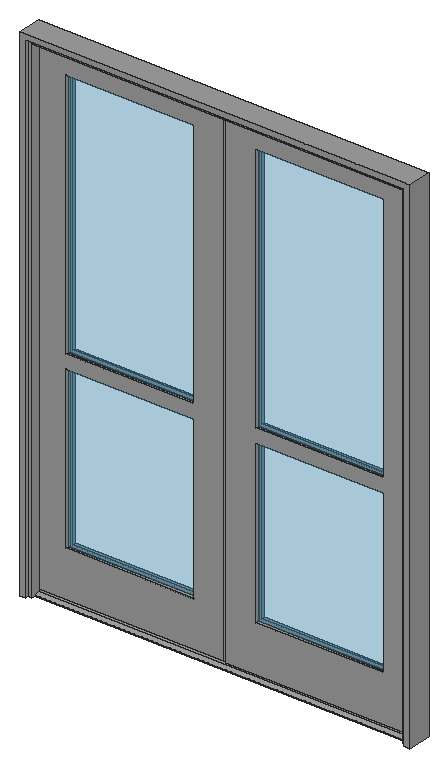
Revit family "RD-WS-DOOR-Double-PD-1-CW_v05", category Curtain Panels, Revit 2015
Parameters
  Width [instance] = 6' - 2"
  URL = "obe.com"
  Rough Width [instance] = 6' - 0"
  Panel Width [instance] = Min Panel Width  # 6' - 0"
  Panel Offset [instance] = 0' - 0"
  Offset [instance] = 0' - 1"
  Model = "RD-WS 1\" Infill"
  Min Rough Width [instance] = if(Rough Width > 6' 1 255/256", Rough Width, 6' 2")  # 6' - 2"
  Min Panel Width [instance] = if(Rough Width > 6' 1 255/256", Rough Width - 0' 2", 6' 0")  # 6' - 0"
  Manufacturer = "Oldcastle BuildingEnvelope®"
  Keynote = "08 11 00"
  Height [instance] = 8' - 0"
  Pushbar Height [instance] = 3' - 5 1/4"  # constant formula
  Glass Material = Glass
  Frame Material = Aluminum
  Door Panel Height [instance] = Height - 0' 0 1/2"  # 7' - 11 1/2"
  Description = "Rugged Door-Wide Stile 1\" Infill"
  Assembly Code = "B2030"
  Analytic Construction = "<None>"
  8 Muntin [instance] = no
  Mid-Panel [instance] = no
  10 Bottom Rail [instance] = not([8 Bottom Rail])  # no
  4 Muntin [instance] = no
  8 Bottom Rail [instance] = yes
  1 Muntin [instance] = if(or([4 Muntin], [8 Muntin], [Mid-Panel]), 1 = 2, 1 = 1)  # yes
Reference planes (in)
  plane 1 "Front": y = 0
  plane 2: z = 0
  plane 3 "Center (Left/Right)": x = 0
  plane 4 "Left": x = -37
  plane 5 "Right": x = 37
  plane 6 "Top": z = 96
  plane 7 "Offset": y = -1
  plane 8: y = -2.133
  plane 9: y = -2.133
  plane 10: y = -2.133
  plane 11: x = 37
  plane 12: x = -37
Forms (in)
  Sweep 1, solid, material "Aluminum" <- "Frame Material"
    path origin (0, -1, 0) x (-1, 0, 0) y (0, 0, 1)
      loop
        line (37, 0) -> (37, 96)
    profile origin (-37, -1, 48) x (1, 0, 0) y (0, 1, 0)
      loop
        line (1, -2.266) -> (1, 0) -> (0, 0) -> (0, -4.5) -> (1, -4.5) -> (1, -3.891) -> (1.75, -3.891) -> (1.75, -2.266) -> (1, -2.266)
  Sweep 2, solid, material "Aluminum" <- "Frame Material"
    path origin (0, -1, 0) x (-1, 0, 0) y (0, 0, 1)
      loop
        line (-37, 0) -> (-37, 96)
    profile origin (37, -1, 48) x (1, 0, 0) y (0, 1, 0)
      loop
        line (-1, -2.266) -> (-1.75, -2.266) -> (-1.75, -3.891) -> (-1, -3.891) -> (-1, -4.5) -> (0, -4.5) -> (0, 0) -> (-1, 0) -> (-1, -2.266)
  Extrusion 3, solid, material "Aluminum" <- "Frame Material"
    sketch origin (-37, 0, 0) x (0, -1, 0) y (0, 0, 1)
      loop
        line (3.266, 94.25) -> (4.891, 94.25) -> (4.891, 95) -> (5.5, 95) -> (5.5, 96) -> (1, 96) -> (1, 95) -> (3.266, 95) -> (3.266, 94.25)
    from -74 to 0
Cuts and joins
  joined: Sweep 1, Sweep 2, Extrusion 3
Text (in)
  text "Exterior" at (-54.29358, 31.38743, 0), in view "Ref. Level"
  text "Exterior" at (480, 41.53993, 89.60405), in view "Right"
  text "Exterior" at (-240, 57.82419, 105.78864), in view "Left"
Dimensions and locks (in)
  equal spacing: plane 4 "Left", plane 3 "Center (Left/Right)", plane 5 "Right"
  "Width": plane 4 "Left" to plane 5 "Right"
  "Height": plane 6 "Top" to plane 2
  "Offset": plane 1 "Front" to plane 7 "Offset"
  locked: plane 7 "Offset" to plane 8 at 1.133
  locked: plane 7 "Offset" to plane 9 at 1.133
  Extrusion 3 sketch curve to Extrusion 3 sketch curve to Extrusion 3 sketch curve = 0' - 0 3/4" locked, 0' - 0" locked
  Extrusion 3 sketch curve to nested 1 to Extrusion 3 sketch curve to Extrusion 3 sketch curve to Extrusion 3 sketch curve = 0' - 0" locked, 0' - 2.266" locked, 0' - 1 5/8" locked, 0' - 0.609" locked
  locked: plane 7 "Offset" to plane 10 at 1.133
  equal spacing: plane 12, plane 3 "Center (Left/Right)", plane 11
  "Min Rough Width": plane 12 to plane 11
  aligned and locked: level to plane 2
  aligned and locked: plane 3 "Center (Left/Right)" to nested 1
  aligned and locked: plane 6 "Top" to Sweep 1 sketch curve
  aligned and locked: level to Sweep 1 sketch curve
  aligned and locked: plane 6 "Top" to Sweep 2 sketch curve
  aligned and locked: level to Sweep 2 sketch curve
  aligned and locked: Extrusion 3 to plane 6 "Top"
  aligned and locked: Extrusion 3 sketch curve to plane 6 "Top"
  aligned and locked: nested 3 to plane 8
  aligned and locked: plane 6 "Top" to nested 2
  aligned and locked: plane 10 to nested 2
  aligned and locked: plane 9 to nested 4
  aligned and locked: nested 3 to plane 11
  aligned and locked: nested 4 to plane 12
  aligned and locked: Sweep 1 sketch curve to plane 12
  aligned and locked: Sweep 2 sketch curve to plane 11
  aligned and locked: cut or joined group of Sweep 1, Sweep 2, Extrusion 3 to plane 12
  aligned and locked: plane 11 to cut or joined group of Sweep 1, Sweep 2, Extrusion 3
  aligned and locked: nested 1 to plane 7 "Offset"
Automatic sketch dimensions
  Sweep 1 sketch curve to profile plane = 0' - 0"
  Sweep 1 sketch curve to plane 7 "Offset" = 0' - 0"
  Sweep 1 sketch curve to profile plane = 0' - 1"  (x2)
  Sweep 1 sketch curve to Sweep 1 sketch curve = 0' - 0 3/4"
  Sweep 1 sketch curve to plane 7 "Offset" = 0' - 2.266"
  Sweep 1 sketch curve to Sweep 1 sketch curve = 0' - 1 5/8"
  Sweep 1 sketch curve to Sweep 1 sketch curve = 0' - 0.609"
  Sweep 2 sketch curve to plane 7 "Offset" = 0' - 0"
  Sweep 2 sketch curve to profile plane = 0' - 0"
  profile plane to Sweep 2 sketch curve = 0' - 1"  (x2)
  Sweep 2 sketch curve to Sweep 2 sketch curve = 0' - 0 3/4"
  Sweep 2 sketch curve to plane 7 "Offset" = 0' - 2.266"
  Sweep 2 sketch curve to Sweep 2 sketch curve = 0' - 1 5/8"
  Sweep 2 sketch curve to Sweep 2 sketch curve = 0' - 0.609"
  plane 6 "Top" to Extrusion 3 sketch curve = 0' - 1"
Nested families (in)
  nested 1: "RD-WS-DOOR-Double-PD-1-Panel_v04" at (0, -16, 0), Frame Material <- "Frame Material", Glass Material <- "Glass Material", 4 Muntin <- "4 Muntin", 8 Muntin <- "8 Muntin", Height <- "Door Panel Height", Width <- "Min Panel Width", Mid-Panel <- "Mid-Panel", 8 Bottom Rail <- "8 Bottom Rail", type "WS-1 DOOR-Double-PD-Plan"
    with Wing Width 3' - 0", built-in parameter 1001301 6' - 0", Pushbar Height 3' - 5 1/4", Offset 0' - 0", Mid-Panel no, built-in parameter 1001300 7' - 11 1/2", Glass at Muntin 0' - 1 9/16", Glass Material Glass, Frame Material Aluminum, Bottom Rail 0' - 8 29/32", 8 Muntin no, 8 Bottom Rail yes, 4 Muntin no, 10 Bottom Rail no, 1 Muntin yes
  nested 2: "Dub-Framing-DI" at (-37, -2.133, 96) x (0, -1, 0) z (-1, 0, 0), type "Dub-Framing-DI"
  nested 3: "Dub-Framing-DI" at (37, -2.133, 0) x (0, -1, 0) z (0, 0, 1), type "Dub-Framing-DI"
  nested 4: "Dub-Framing-DI" at (-37, -2.133, 0) x (0, -1, 0) z (0, 0, 1), type "Dub-Framing-DI"
Definition of nested family "RD-WS-DOOR-Double-PD-1-Panel_v04"
  Parameters (values of type "WS-1 DOOR-Double-PD-Plan")
    Wing Width [instance] = Width / 2  # 3' - 0"
    Width [instance] = 6' - 0"
    Pushbar Height [instance] = 3' - 5 1/4"  # constant formula
    Offset [instance] = 0' - 3"
    Mid-Panel [instance] = no
    Height [instance] = 8' - 0"
    Glass at Muntin [instance] = if([8 Muntin], 0' 8 9/16", if([4 Muntin], 0' 4 9/16", if([Mid-Panel], 0' 8 9/16", 0' 1 9/16")))  # 0' - 1 9/16"
    Glass Material [instance] = none
    Frame Material [instance] = none
    Bottom Rail [instance] = if([10 Bottom Rail], 0' 10 29/32", 0' 8 29/32")  # 0' - 8 29/32"
    Analytic Construction = "<None>"
    8 Muntin [instance] = no
    10 Bottom Rail [instance] = not([8 Bottom Rail])  # no
    4 Muntin [instance] = no
    8 Bottom Rail [instance] = yes
    1 Muntin [instance] = if(or([4 Muntin], [8 Muntin], [Mid-Panel]), 1 = 2, 1 = 1)  # yes
  Reference planes (in)
    plane 1 "00": y = 10.875
    plane 2: z = 0
    plane 3 "Center (Left/Right)": x = 0
    plane 4: z = 96
    plane 5: x = -36
    plane 6: x = 36
    plane 7 "Center (Front/Back)": y = 15
    plane 8 "Exterior": y = 11.375
    plane 9: z = 48
    plane 10: z = 8.90625
    plane 11: z = 42.03125
    plane 12: z = 40.46875
    plane 13: z = 91.032
    plane 14: z = 0
    plane 15: y = 12
    plane 16: z = 41.25
  Forms (in)
    Sweep 1, solid, material <- "Frame Material"
      path origin (0, 10.875, 0) x (1, 0, 0) y (0, 0, 1)
        loop
          line (-35.81193, 96) -> (-0.27391, 96)
      profile origin (-18.04292, 10.875, 96) x (0, 0, 1) y (0, -1, 0)
        loop
          line (-0.5, -1.008) -> (-0.5, 1.008) -> (-2.77731, 1.008) -> (-5.375, 1.008) -> (-5.375, 0.5) -> (-4.968, 0.5) -> (-4.968, -0.5) -> (-5.375, -0.5) -> (-5.375, -1.008) -> (-2.77731, -1.008) -> (-0.5, -1.008)
    Sweep 2, solid, material <- "Frame Material"
      path origin (0, 10.875, 0) x (1, 0, 0) y (0, 0, 1)
        loop
          line (-0.27391, 0) -> (-35.81193, 0)
      profile origin (-18.04292, 10.875, 0) x (0, 0, -1) y (0, -1, 0)
        loop
          line (-4.93343, -1.008) -> (-0.6875, -1.008) -> (-0.6875, 1.008) -> (-4.93343, 1.008) -> (-9.4375, 1.008) -> (-9.4375, 0.5) -> (-8.90625, 0.5) -> (-8.90625, -0.5) -> (-9.4375, -0.5) -> (-9.4375, -1.008) -> (-4.93343, -1.008)
    Sweep 3, solid, material <- "Frame Material"
      path origin (0, 10.875, 0) x (1, 0, 0) y (0, 0, 1)
        loop
          line (36, 95.5) -> (36, 0.6875)
      profile origin (36, 10.875, 48.09375) x (0, -1, 0) y (1, 0, 0)
        loop
          line (-1.008, -0.0625) -> (-1.008, -1.90707) -> (-1.008, -5.81238) -> (-0.5, -5.81238) -> (-0.5, -5.34338) -> (0.5, -5.34338) -> (0.5, -5.81238) -> (1.008, -5.81238) -> (1.008, -1.90707) -> (1.008, -0.18807) -> (-1.008, -0.0625)
    Sweep 4, solid, material <- "Frame Material"
      path origin (0, 10.875, 0) x (1, 0, 0) y (0, 0, 1)
        loop
          line (-36, 95.5) -> (-36, 0.6875)
      profile origin (-36, 10.875, 48.09375) x (0, -1, 0) y (1, 0, 0)
        loop
          line (-1.008, 0.0625) -> (1.008, 0.18807) -> (1.008, 1.90702) -> (1.008, 5.81233) -> (0.5, 5.81233) -> (0.5, 5.34333) -> (-0.5, 5.34333) -> (-0.5, 5.81233) -> (-1.008, 5.81233) -> (-1.008, 1.90702) -> (-1.008, 0.0625)
    Sweep 5, solid, material <- "Frame Material"
      path origin (0, 10.875, 0) x (1, 0, 0) y (0, 0, 1)
        loop
          line (-0.27391, 48) -> (-35.81193, 48)
      profile origin (-18.04292, 10.875, 48) x (0, 0, -1) y (0, -1, 0)
        loop
          line (5.43762, -0.5) -> (5.43762, -1.008) -> (7.93762, -1.008) -> (7.93762, -0.5) -> (7.53125, -0.5) -> (7.53125, 0.5) -> (7.93762, 0.5) -> (7.93762, 1.008) -> (5.43762, 1.008) -> (5.43762, 0.5) -> (5.96875, 0.5) -> (5.96875, -0.5) -> (5.43762, -0.5)
    Sweep 6, solid, material <- "Frame Material"
      path origin (0, 10.875, 0) x (1, 0, 0) y (0, 0, 1)
        loop
          line (0, 95.5) -> (0, 0.6875)
      profile origin (0, 10.875, 48.09375) x (0, -1, 0) y (1, 0, 0)
        loop
          line (-1.008, -0.27391) -> (-1.008, -2.18343) -> (-1.008, -5.8143) -> (-0.5, -5.8143) -> (-0.5, -5.3453) -> (0.5, -5.3453) -> (0.5, -5.8143) -> (1.008, -5.8143) -> (1.008, -2.18343) -> (1.008, -0.27391)
          arc (1.008, -0.27391) -> (0, -0.0625) -> (-1.008, -0.27391) r 2.50872
        loop
          arc (-1.008, 0.27391) -> (0, 0.0625) -> (1.008, 0.27391) r 2.50872
          line (1.008, 0.27391) -> (1.008, 2.18343) -> (1.008, 5.8125) -> (0.5, 5.8125) -> (0.5, 5.3435) -> (0.252, 5.3435) -> (-0.5, 5.3435) -> (-0.5, 5.8125) -> (-1.008, 5.8125) -> (-1.008, 2.18343) -> (-1.008, 0.27391)
    Sweep 7, solid, material <- "Frame Material"
      path origin (0, 10.875, 0) x (1, 0, 0) y (0, 0, 1)
        loop
          line (0.27391, 96) -> (35.81193, 96)
      profile origin (18.04292, 10.875, 96) x (0, 0, 1) y (0, -1, 0)
        loop
          line (-0.5, -1.008) -> (-0.5, 1.008) -> (-3.74518, 1.008) -> (-5.37412, 1.008) -> (-5.37412, 0.5) -> (-4.968, 0.5) -> (-4.968, -0.5) -> (-5.37412, -0.5) -> (-5.37412, -1.008) -> (-3.74518, -1.008) -> (-0.5, -1.008)
    Sweep 8, solid, material <- "Frame Material"
      path origin (0, 10.875, 0) x (1, 0, 0) y (0, 0, 1)
        loop
          line (35.81193, 48) -> (0.27391, 48)
      profile origin (18.04292, 10.875, 48) x (0, 0, -1) y (0, -1, 0)
        loop
          line (5.43762, -0.5) -> (5.43762, -1.008) -> (7.93762, -1.008) -> (7.93762, -0.5) -> (7.53125, -0.5) -> (7.53125, 0.5) -> (7.93762, 0.5) -> (7.93762, 1.008) -> (5.43762, 1.008) -> (5.43762, 0.5) -> (5.96875, 0.5) -> (5.96875, -0.5) -> (5.43762, -0.5)
    Sweep 9, solid, material <- "Frame Material"
      path origin (0, 10.875, 0) x (1, 0, 0) y (0, 0, 1)
        loop
          line (35.81193, 0) -> (0.27391, 0)
      profile origin (18.04292, 10.875, 0) x (0, 0, -1) y (0, -1, 0)
        loop
          line (-3.49593, -1.008) -> (-0.6875, -1.008) -> (-0.6875, 1.008) -> (-3.49593, 1.008) -> (-9.4375, 1.008) -> (-9.4375, 0.5) -> (-8.90625, 0.5) -> (-8.90625, -0.5) -> (-9.4375, -0.5) -> (-9.4375, -1.008) -> (-3.49593, -1.008)
    Extrusion 10, solid, material <- "Glass Material", detail levels coarse
      sketch origin (0, 0, 0) x (1, 0, 0) y (0, 1, 0)
        loop
          line (5.3435, 11.375) -> (5.3435, 10.375) -> (30.65662, 10.375) -> (30.65662, 11.375) -> (5.3435, 11.375)
      from 40.46875 to 8.90625
    Extrusion 11, solid, material <- "Glass Material", detail levels medium+fine
      sketch origin (0, 0, 0) x (1, 0, 0) y (0, 1, 0)
        loop
          line (5.3435, 10.375) -> (30.65662, 10.375) -> (30.65662, 10.623) -> (5.3435, 10.623) -> (5.3435, 10.375)
        loop
          line (30.65662, 11.375) -> (5.3435, 11.375) -> (5.3435, 11.127) -> (30.65662, 11.127) -> (30.65662, 11.375)
      from 8.90625 to 40.46875
    Extrusion 12, solid, material <- "Glass Material", detail levels medium+fine
      sketch origin (0, 0, 0) x (1, 0, 0) y (0, 1, 0)
        loop
          line (5.3435, 11.375) -> (5.3435, 11.127) -> (30.65662, 11.127) -> (30.65662, 11.375) -> (5.3435, 11.375)
        loop
          line (30.65662, 10.375) -> (30.65662, 10.623) -> (5.3435, 10.623) -> (5.3435, 10.375) -> (30.65662, 10.375)
      from 42.03125 to 91.032
    Extrusion 13, solid, material <- "Glass Material", detail levels coarse
      sketch origin (0, 0, 0) x (1, 0, 0) y (0, 1, 0)
        loop
          line (5.3435, 11.375) -> (5.3435, 10.375) -> (30.65662, 10.375) -> (30.65662, 11.375) -> (5.3435, 11.375)
      from 42.03125 to 91.032
    Extrusion 14, solid, material <- "Glass Material", detail levels medium+fine
      sketch origin (0, 0, 0) x (1, 0, 0) y (0, 1, 0)
        loop
          line (-30.65667, 10.375) -> (-5.3453, 10.375) -> (-5.3453, 10.623) -> (-30.65667, 10.623) -> (-30.65667, 10.375)
        loop
          line (-5.3453, 11.375) -> (-30.65667, 11.375) -> (-30.65667, 11.127) -> (-5.3453, 11.127) -> (-5.3453, 11.375)
      from 8.90625 to 40.46875
    Extrusion 15, solid, material <- "Glass Material", detail levels coarse
      sketch origin (0, 0, 0) x (1, 0, 0) y (0, 1, 0)
        loop
          line (-30.65667, 11.375) -> (-30.65667, 10.375) -> (-5.3453, 10.375) -> (-5.3453, 11.375) -> (-30.65667, 11.375)
      from 42.03125 to 91.032
    Extrusion 16, solid, material <- "Glass Material", detail levels coarse
      sketch origin (0, 0, 0) x (1, 0, 0) y (0, 1, 0)
        loop
          line (-30.65667, 11.375) -> (-30.65667, 10.375) -> (-5.3453, 10.375) -> (-5.3453, 11.375) -> (-30.65667, 11.375)
      from 8.90625 to 40.46875
    Extrusion 17, solid, material <- "Glass Material", detail levels medium+fine
      sketch origin (0, 0, 0) x (1, 0, 0) y (0, 1, 0)
        loop
          line (-30.65667, 11.375) -> (-30.65667, 11.127) -> (-5.3453, 11.127) -> (-5.3453, 11.375) -> (-30.65667, 11.375)
        loop
          line (-30.65667, 10.623) -> (-30.65667, 10.375) -> (-5.3453, 10.375) -> (-5.3453, 10.623) -> (-30.65667, 10.623)
      from 42.03125 to 91.032
    Sweep 18, solid, material <- "Frame Material"
      path origin (0, 10.875, 0) x (1, 0, 0) y (0, 0, 1)
        loop
          line (35.81193, 0) -> (-35.81193, 0)
      profile origin (0, 10.875, 0) x (0, 0, -1) y (0, -1, 0)
        loop
          line (-0.5, 1.398) -> (-0.5, -1.288) -> (-0.19364, -1.945) -> (0, -1.945) -> (0, 2.055) -> (-0.19364, 2.055) -> (-0.5, 1.398)
  Cuts and joins
    joined: Sweep 1, Sweep 2, Sweep 3, Sweep 4, Sweep 5, Sweep 6, Sweep 7, Sweep 8, Sweep 9
  Lines and regions (in)
    model lines
      curve 1: line (-5.8143, 11.375, 90.75075) -> (-30.18767, 11.375, 48)
      curve 2: line (-30.18767, 11.375, 48) -> (-5.8143, 11.375, 9.1875)
      curve 3: line (5.8143, 11.375, 90.75075) -> (30.18767, 11.375, 48)
      curve 4: line (30.18767, 11.375, 48) -> (5.8143, 11.375, 9.1875)
  Dimensions and locks (in)
    "Height": plane 4 to level
    equal spacing: plane 5, plane 3 "Center (Left/Right)", plane 6
    "Width": plane 5 to plane 6
    "Offset": plane 15 to plane 7 "Center (Front/Back)"
    plane 1 "00" to plane 8 "Exterior" to plane 15 = 0' - 0 1/2" locked, 0' - 0 5/8" locked
    equal spacing: level, plane 9, plane 4
    locked: plane 3 "Center (Left/Right)" to Sweep 2 sketch curve at 0.27391
    locked: Sweep 3 sketch curve to plane 4 at 0.5
    locked: Sweep 4 sketch curve to plane 4 at 0.5
    locked: plane 3 "Center (Left/Right)" to Sweep 1 sketch curve at 0.27391
    locked: plane 3 "Center (Left/Right)" to Sweep 5 sketch curve at 0.27391
    locked: Sweep 7 sketch curve to plane 3 "Center (Left/Right)" at 0.27391
    locked: Sweep 8 sketch curve to plane 3 "Center (Left/Right)" at 0.27391
    locked: Sweep 9 sketch curve to plane 3 "Center (Left/Right)" at 0.27391
    locked: Sweep 6 sketch curve to plane 4 at 0.5
    "Glass at Muntin": plane 11 to plane 12
    locked: plane 12 to Sweep 8 sketch curve at 0.40638  (x2)
    locked: Sweep 8 sketch curve to plane 11 at 0.53112  (x2)
    "Bottom Rail": plane 10 to plane 2
    locked: Sweep 9 sketch curve to plane 10 at 0.53125  (x2)
    Extrusion 17 to plane 1 "00" = 0' - 0.252"
    locked: Sweep 2 sketch curve to plane 10 at 0.53125  (x2)
    locked: Sweep 5 sketch curve to plane 11 at 0.53113  (x2)
    locked: plane 12 to Sweep 5 sketch curve at 0.40638  (x2)
    equal spacing: plane 4, plane 9, plane 14
    locked: plane 13 to Sweep 7 sketch curve at 0.40612  (x2)
    Extrusion 12 sketch curve to Extrusion 12 sketch curve to plane 1 "00" to Extrusion 12 sketch curve to Extrusion 12 sketch curve = 0' - 0.248" locked, 0' - 0.252" locked, 0' - 0.252" locked, 0' - 0.248" locked
    Extrusion 13 sketch curve to plane 1 "00" to Extrusion 13 sketch curve = 0' - 0 1/2" locked, 0' - 0 1/2" locked
    Extrusion 11 sketch curve to Extrusion 11 sketch curve to plane 1 "00" to Extrusion 11 sketch curve to Extrusion 11 sketch curve = 0' - 0.248" locked, 0' - 0.252" locked, 0' - 0.252" locked, 0' - 0.248" locked
    Extrusion 10 sketch curve to plane 1 "00" to Extrusion 10 sketch curve = 0' - 0 1/2" locked, 0' - 0 1/2" locked
    Extrusion 17 sketch curve to Extrusion 17 sketch curve to plane 1 "00" to Extrusion 17 sketch curve to Extrusion 17 sketch curve = 0' - 0.248" locked, 0' - 0.252" locked, 0' - 0.252" locked, 0' - 0.248" locked
    cut or joined group of Sweep 1, Sweep 2, Sweep 3, Sweep 4, Sweep 5, Sweep 6, Sweep 7, Sweep 8, Sweep 9 to plane 1 "00" to Extrusion 15 sketch curve = 0' - 1.008", 0' - 0 1/2" locked
    Extrusion 16 sketch curve to plane 1 "00" to Extrusion 16 sketch curve = 0' - 0 1/2" locked, 0' - 0 1/2" locked
    Extrusion 14 sketch curve to Extrusion 14 sketch curve to plane 1 "00" to Extrusion 14 sketch curve to Extrusion 14 sketch curve = 0' - 0.248" locked, 0' - 0.252" locked, 0' - 0.252" locked, 0' - 0.248" locked
    locked: plane 4 to plane 13 at 4.968
    locked: Extrusion 17 sketch curve to plane 3 "Center (Left/Right)" at 5.3453  (x2)
    locked: plane 5 to Extrusion 17 sketch curve at 5.34333  (x2)
    locked: Extrusion 16 sketch curve to plane 3 "Center (Left/Right)" at 5.3453
    locked: plane 5 to Extrusion 16 sketch curve at 5.34333
    locked: Extrusion 15 sketch curve to plane 3 "Center (Left/Right)" at 5.3453
    locked: plane 5 to Extrusion 15 sketch curve at 5.34333
    locked: Extrusion 14 sketch curve to plane 3 "Center (Left/Right)" at 5.3453  (x2)
    locked: plane 5 to Extrusion 14 sketch curve at 5.34333  (x2)
    locked: Extrusion 13 sketch curve to plane 6 at 5.34338
    locked: plane 3 "Center (Left/Right)" to Extrusion 13 sketch curve at 5.3435
    locked: Extrusion 10 sketch curve to plane 6 at 5.34338
    locked: plane 3 "Center (Left/Right)" to Extrusion 10 sketch curve at 5.3435
    locked: Extrusion 12 sketch curve to plane 6 at 5.34338  (x2)
    locked: plane 3 "Center (Left/Right)" to Extrusion 12 sketch curve at 5.3435  (x2)
    locked: Extrusion 11 sketch curve to plane 6 at 5.34338  (x2)
    locked: plane 3 "Center (Left/Right)" to Extrusion 11 sketch curve at 5.3435  (x2)
    locked: Sweep 1 sketch curve to plane 5 at 0.18807
    locked: plane 6 to Sweep 7 sketch curve at 0.18807
    locked: Sweep 5 sketch curve to plane 5 at 0.18807
    locked: plane 6 to Sweep 8 sketch curve at 0.18807
    locked: plane 6 to Sweep 9 sketch curve at 0.18807
    equal spacing: plane 11, plane 16, plane 12
    "Pushbar Height": plane 16 to plane 14
    locked: Sweep 18 sketch curve to plane 5 at 0.18807
    locked: plane 6 to Sweep 18 sketch curve at 0.18807
    locked: plane 14 to Sweep 3 sketch curve at 0.6875
    locked: plane 14 to Sweep 6 sketch curve at 0.6875
    locked: plane 14 to Sweep 4 sketch curve at 0.6875
    locked: Sweep 2 sketch curve to plane 5 at 0.18807
    aligned and locked: plane 2 to level
    aligned and locked: Sweep 1 sketch curve to plane 4
    aligned and locked: Sweep 2 sketch curve to level
    aligned and locked: level to nested 1
    aligned and locked: nested 1 to plane 1 "00"
    aligned and locked: Sweep 5 sketch curve to plane 9
    aligned and locked: plane 3 "Center (Left/Right)" to Sweep 6 sketch curve
    aligned and locked: Sweep 9 sketch curve to level
    aligned and locked: Sweep 8 sketch curve to plane 9
    aligned and locked: plane 4 to Sweep 7 sketch curve
    aligned and locked: Sweep 8 sketch curve to plane 11
    aligned and locked: plane 12 to Sweep 8 sketch curve
    aligned and locked: plane 10 to cut or joined group of Sweep 1, Sweep 2, Sweep 3, Sweep 4, Sweep 5, Sweep 6, Sweep 7, Sweep 8, Sweep 9
    aligned and locked: Extrusion 15 to plane 11
    aligned and locked: plane 13 to Extrusion 15
    aligned and locked: Extrusion 17 to plane 11
    aligned and locked: plane 13 to Extrusion 17
    aligned and locked: Extrusion 16 to plane 10
    aligned and locked: plane 12 to Extrusion 16
    aligned and locked: cut or joined group of Sweep 1, Sweep 2, Sweep 3, Sweep 4, Sweep 5, Sweep 6, Sweep 7, Sweep 8, Sweep 9 to plane 12
    aligned and locked: Extrusion 12 to plane 11
    aligned and locked: plane 11 to cut or joined group of Sweep 1, Sweep 2, Sweep 3, Sweep 4, Sweep 5, Sweep 6, Sweep 7, Sweep 8, Sweep 9
    aligned and locked: cut or joined group of Sweep 1, Sweep 2, Sweep 3, Sweep 4, Sweep 5, Sweep 6, Sweep 7, Sweep 8, Sweep 9 to plane 13
    aligned and locked: plane 13 to Extrusion 12
    aligned and locked: plane 13 to Extrusion 13
    aligned and locked: Extrusion 13 to plane 11
    aligned and locked: plane 12 to Extrusion 10
    aligned and locked: Extrusion 10 to plane 10
    aligned and locked: Sweep 7 sketch curve to plane 13
    aligned and locked: curve 1 to cut or joined group of Sweep 1, Sweep 2, Sweep 3, Sweep 4, Sweep 5, Sweep 6, Sweep 7, Sweep 8, Sweep 9
    aligned and locked: cut or joined group of Sweep 1, Sweep 2, Sweep 3, Sweep 4, Sweep 5, Sweep 6, Sweep 7, Sweep 8, Sweep 9 to curve 2
    aligned and locked: nested 2 to plane 3 "Center (Left/Right)"
    aligned and locked: Sweep 18 sketch curve to plane 14
    aligned and locked: plane 1 "00" to nested 2
    aligned and locked: Sweep 3 sketch curve to plane 6
    aligned and locked: plane 5 to Sweep 4 sketch curve
    aligned and locked: plane 9 to curve 1
  Automatic sketch dimensions
    Sweep 8 sketch curve to plane 1 "00" = 0' - 1.008"
    Sweep 8 sketch curve to plane 1 "00" = 0' - 0 1/2"  (x2)
    plane 1 "00" to Sweep 8 sketch curve = 0' - 0 1/2"  (x2)
    Sweep 8 sketch curve to Sweep 8 sketch curve = 0' - 0.508"
    Sweep 4 sketch curve to plane 1 "00" = 0' - 1.008"
    Sweep 4 sketch curve to plane 1 "00" = 0' - 0 1/2"
    plane 1 "00" to Sweep 4 sketch curve = 0' - 0 1/2"
    Sweep 4 sketch curve to Sweep 4 sketch curve = 0' - 0.508"
    Sweep 4 sketch curve to profile plane = 0' - 0 1/16"
    Sweep 4 sketch curve to profile plane = 0' - 0.18807"
    Sweep 4 sketch curve to profile plane = 0' - 1.90702"  (x2)
    Sweep 4 sketch curve to Sweep 4 sketch curve = 0' - 3.43631"
    Sweep 4 sketch curve to Sweep 4 sketch curve = 0' - 0.469"  (x2)
    plane 1 "00" to Sweep 6 sketch curve = 0' - 0"  (x2)
    Sweep 6 sketch curve to plane 1 "00" = 0' - 0 1/2"  (x2)
    Sweep 6 sketch curve to Sweep 6 sketch curve = 0' - 0.508"  (x2)
    Sweep 6 sketch curve to profile plane = 0' - 0.27391"
    Sweep 6 sketch curve to Sweep 6 sketch curve = 0' - 0"
    plane 1 "00" to Sweep 6 sketch curve = 0' - 0.252"
    plane 1 "00" to Sweep 6 sketch curve = 0' - 0 1/2"
    Sweep 6 sketch curve to Sweep 6 sketch curve = 0' - 0.248"
    plane 1 "00" to Sweep 6 sketch curve = 0' - 1.008"
    profile plane to Sweep 6 sketch curve = 0' - 0.27391"
    Sweep 6 sketch curve to Sweep 6 sketch curve = 0' - 1.90952"  (x4)
    Sweep 6 sketch curve to Sweep 6 sketch curve = 0' - 0.38779"  (x2)
    Sweep 6 sketch curve to Sweep 6 sketch curve = 0' - 2.77408"
    Sweep 6 sketch curve to Sweep 6 sketch curve = 0' - 0.469"  (x4)
    Sweep 6 sketch curve to Sweep 6 sketch curve = 0' - 2.77228"
    Sweep 3 sketch curve to plane 1 "00" = 0' - 1.008"
    profile plane to Sweep 3 sketch curve = 0' - 0 1/16"
    Sweep 3 sketch curve to plane 1 "00" = 0' - 0 1/2"
    plane 1 "00" to Sweep 3 sketch curve = 0' - 0 1/2"
    plane 1 "00" to Sweep 3 sketch curve = 0' - 1.008"
    profile plane to Sweep 3 sketch curve = 0' - 0.18807"
    profile plane to Sweep 3 sketch curve = 0' - 1.90707"  (x2)
    Sweep 3 sketch curve to Sweep 3 sketch curve = 0' - 3.43631"
    Sweep 3 sketch curve to Sweep 3 sketch curve = 0' - 0.469"  (x2)
    plane 1 "00" to Sweep 18 sketch curve = 0' - 1.398"
    profile plane to Sweep 18 sketch curve = 0' - 0.19364"  (x2)
    Sweep 18 sketch curve to Sweep 18 sketch curve = 0' - 0.657"  (x2)
    profile plane to Sweep 18 sketch curve = 0' - 0"
    Sweep 18 sketch curve to plane 1 "00" = 0' - 1.945"
    profile plane to Sweep 18 sketch curve = 0' - 0 1/2"
    plane 1 "00" to Extrusion 15 sketch curve = 0' - 0 1/2"
    Sweep 1 sketch curve to plane 1 "00" = 0' - 0 1/2"
    profile plane to Sweep 1 sketch curve = 0' - 5 3/8"
    Sweep 1 sketch curve to Sweep 1 sketch curve = 0' - 0"  (x2)
    Sweep 1 sketch curve to Sweep 1 sketch curve = 0' - 0.407"
    Sweep 1 sketch curve to plane 1 "00" = 0' - 1.008"
    Sweep 1 sketch curve to Sweep 1 sketch curve = 0' - 2.19069"
    profile plane to Sweep 1 sketch curve = 0' - 0 1/2"
    plane 1 "00" to Sweep 1 sketch curve = 0' - 0 1/2"
    plane 1 "00" to Sweep 1 sketch curve = 0' - 1.008"
    Sweep 2 sketch curve to Sweep 2 sketch curve = 0' - 0 17/32"
    plane 1 "00" to Sweep 2 sketch curve = 0' - 1.008"
    Sweep 2 sketch curve to Sweep 2 sketch curve = 0' - 3.97282"
    Sweep 2 sketch curve to plane 1 "00" = 0' - 1.008"
    Sweep 2 sketch curve to Sweep 2 sketch curve = 0' - 0"
    profile plane to Sweep 2 sketch curve = 0' - 0 11/16"
    Sweep 2 sketch curve to plane 1 "00" = 0' - 0 1/2"
    plane 1 "00" to Sweep 2 sketch curve = 0' - 0 1/2"
    Sweep 5 sketch curve to Sweep 5 sketch curve = 0' - 0.53113"
    Sweep 5 sketch curve to Sweep 5 sketch curve = 0' - 0.40638"
    Sweep 5 sketch curve to plane 1 "00" = 0' - 1.008"
    Sweep 5 sketch curve to plane 1 "00" = 0' - 0 1/2"  (x2)
    plane 1 "00" to Sweep 5 sketch curve = 0' - 0 1/2"  (x2)
    Sweep 5 sketch curve to Sweep 5 sketch curve = 0' - 0.508"
    Sweep 7 sketch curve to Sweep 7 sketch curve = 0' - 1.22282"  (x2)
    profile plane to Sweep 7 sketch curve = 0' - 0 1/2"
    Sweep 7 sketch curve to plane 1 "00" = 0' - 1.008"
    Sweep 7 sketch curve to plane 1 "00" = 0' - 0 1/2"
    plane 1 "00" to Sweep 7 sketch curve = 0' - 0 1/2"
    plane 1 "00" to Sweep 7 sketch curve = 0' - 1.008"
    Sweep 9 sketch curve to Sweep 9 sketch curve = 0' - 0 17/32"
    plane 1 "00" to Sweep 9 sketch curve = 0' - 1.008"
    profile plane to Sweep 9 sketch curve = 0' - 3.49593"
    Sweep 9 sketch curve to plane 1 "00" = 0' - 1.008"
    Sweep 9 sketch curve to Sweep 9 sketch curve = 0' - 0"
    profile plane to Sweep 9 sketch curve = 0' - 0 11/16"
    Sweep 9 sketch curve to plane 1 "00" = 0' - 0 1/2"
    plane 1 "00" to Sweep 9 sketch curve = 0' - 0 1/2"
    curve 4 to plane 9 = 0' - 0"
    plane 5 to curve 2 = 0' - 5.81233"
    curve 4 to plane 6 = 0' - 5.81233"
    plane 10 to curve 4 = 0' - 0 9/32"
    plane 3 "Center (Left/Right)" to curve 4 = 0' - 5.8143"
    curve 3 to plane 13 = 0' - 0 9/32"
    plane 3 "Center (Left/Right)" to curve 3 = 0' - 5.8143"
    plane 10 to curve 2 = 0' - 0 9/32"
    curve 1 to plane 13 = 0' - 0 9/32"
  Nested families (in)
    nested 1: "RD-WS-DOOR-Double-PD-1-Section_v02" at (0, 10.875, 0) x (0, -1, 0) z (1, 0, 0), Height <- "Height", 4 Muntin <- "4 Muntin", 8 Muntin <- "8 Muntin", 8 Bottom Rail <- "8 Bottom Rail", Mid-Panel <- "Mid-Panel", type "WS-1 DOOR-Section"
      with Pushbar Height 3' - 5 1/4", Mid-Panel no, Height 8' - 0", Glass at Muntins 0' - 1 9/16", Bottom Rail 0' - 8 29/32", 8 Muntin no, 8 Bottom Rail yes, 4 Muntin no, 10 Bottom Rail no, 1 Muntin yes
    nested 2: "RD-WS-DOOR-Double-PD-1-Plan View_v02" at (-24, 10.875, 0), Wing Width <- "Wing Width", Width <- "Width", type "RD-WS-DOOR-Double-PD-1-Plan View"
      with Wing Width 3' - 0", Width 6' - 0"
  Definition of nested family "RD-WS-DOOR-Double-PD-1-Section_v02"
    Parameters (values of type "WS-1 DOOR-Section")
      Pushbar Height [instance] = 3' - 5 1/4"  # constant formula
      Mid-Panel [instance] = no
      Height [instance] = 7' - 0"
      Glass at Muntins [instance] = if([8 Muntin], 0' 8 9/16", if([4 Muntin], 0' 4 9/16", if([Mid-Panel], 0' 8 9/16", 0' 1 9/16")))  # 0' - 1 9/16"
      Bottom Rail [instance] = if([10 Bottom Rail], 0' 10 29/32", 0' 8 29/32")  # 0' - 8 29/32"
      8 Muntin [instance] = no
      8 Bottom Rail [instance] = yes
      4 Muntin [instance] = no
      10 Bottom Rail [instance] = not([8 Bottom Rail])  # no
      1 Muntin [instance] = if(or([4 Muntin], [8 Muntin], [Mid-Panel]), 1 = 2, 1 = 1)  # yes
    Reference planes (in)
      plane 1 "Center (Front/Back)": y = 0
      plane 2: z = 0
      plane 3 "Center (Left/Right)": x = 0
      plane 4: y = 79.032
      plane 5: y = 42.03125
      plane 6: y = 40.46875
      plane 7: y = 42.56225
      plane 8: y = 84
      plane 9: y = 8.90625
      plane 10: y = 41.25
    Lines and regions (in)
      detail lines, in view "Ref. Level"
        curve 1: line (-0.5, 40.46875, 0) -> (-0.5, 8.90625, 0)
        curve 10: line (0.5, 40.46875, 0) -> (0.5, 8.90625, 0)
        curve 11: line (-0.5, 79.032, 0) -> (-0.5, 42.03125, 0)
        curve 20: line (0.5, 79.032, 0) -> (0.5, 42.03125, 0)
      detail lines, in view "Ref. Level", detail levels fine
        curve 2: line (-0.438, 40.46875, 0) -> (-0.438, 8.90625, 0)
        curve 3: line (-0.376, 40.46875, 0) -> (-0.376, 8.90625, 0)
        curve 4: line (-0.314, 40.46875, 0) -> (-0.314, 8.90625, 0)
        curve 7: line (0.314, 40.46875, 0) -> (0.314, 8.90625, 0)
        curve 8: line (0.376, 40.46875, 0) -> (0.376, 8.90625, 0)
        curve 9: line (0.438, 40.46875, 0) -> (0.438, 8.90625, 0)
        curve 12: line (-0.438, 79.032, 0) -> (-0.438, 42.03125, 0)
        curve 13: line (-0.376, 79.032, 0) -> (-0.376, 42.03125, 0)
        curve 14: line (-0.314, 79.032, 0) -> (-0.314, 42.03125, 0)
        curve 17: line (0.314, 79.032, 0) -> (0.314, 42.03125, 0)
        curve 18: line (0.376, 79.032, 0) -> (0.376, 42.03125, 0)
        curve 19: line (0.438, 79.032, 0) -> (0.438, 42.03125, 0)
      detail lines, in view "Ref. Level", detail levels medium+fine
        curve 5: line (-0.252, 40.46875, 0) -> (-0.252, 8.90625, 0)
        curve 6: line (0.252, 40.46875, 0) -> (0.252, 8.90625, 0)
        curve 15: line (-0.252, 79.032, 0) -> (-0.252, 42.03125, 0)
        curve 16: line (0.252, 79.032, 0) -> (0.252, 42.03125, 0)
    Dimensions and locks (in)
      locked: plane 5 to plane 7 at 0.531
      "Bottom Rail": plane 1 "Center (Front/Back)" to plane 9
      "Height": plane 1 "Center (Front/Back)" to plane 8
      "Glass at Muntins": plane 6 to plane 5
      nested 1 to plane 8 to plane 4 = 0' - 1 3/4" locked, 0' - 4.968" locked
      equal spacing: plane 6, plane 10, plane 5
      "Pushbar Height": plane 1 "Center (Front/Back)" to plane 10
      aligned and locked: plane 3 "Center (Left/Right)" to nested 1
      aligned and locked: plane 3 "Center (Left/Right)" to nested 2
      aligned and locked: plane 3 "Center (Left/Right)" to nested 3
      aligned and locked: plane 3 "Center (Left/Right)" to nested 4
      aligned and locked: plane 3 "Center (Left/Right)" to nested 5
      aligned and locked: plane 3 "Center (Left/Right)" to nested 6
      aligned and locked: plane 6 to curve 1
      aligned and locked: plane 6 to curve 2
      aligned and locked: plane 6 to curve 3
      aligned and locked: plane 6 to curve 4
      aligned and locked: plane 6 to curve 5
      aligned and locked: plane 6 to curve 10
      aligned and locked: plane 6 to curve 8
      aligned and locked: plane 6 to curve 9
      aligned and locked: plane 6 to curve 7
      aligned and locked: plane 6 to curve 6
      aligned and locked: plane 5 to curve 11
      aligned and locked: plane 5 to curve 12
      aligned and locked: plane 5 to curve 13
      aligned and locked: plane 5 to curve 14
      aligned and locked: plane 5 to curve 15
      aligned and locked: plane 5 to curve 16
      aligned and locked: plane 5 to curve 17
      aligned and locked: plane 5 to curve 18
      aligned and locked: plane 5 to curve 19
      aligned and locked: plane 5 to curve 20
      aligned and locked: plane 4 to curve 11
      aligned and locked: plane 4 to curve 12
      aligned and locked: plane 4 to curve 13
      aligned and locked: plane 4 to curve 14
      aligned and locked: plane 4 to curve 15
      aligned and locked: plane 4 to curve 16
      aligned and locked: plane 4 to curve 17
      aligned and locked: plane 4 to curve 18
      aligned and locked: plane 4 to curve 19
      aligned and locked: plane 4 to curve 20
      aligned and locked: plane 9 to curve 1
      aligned and locked: plane 9 to curve 2
      aligned and locked: plane 9 to curve 3
      aligned and locked: plane 9 to curve 4
      aligned and locked: plane 9 to curve 5
      aligned and locked: plane 9 to curve 6
      aligned and locked: plane 9 to curve 7
      aligned and locked: plane 9 to curve 8
      aligned and locked: plane 9 to curve 9
      aligned and locked: plane 9 to curve 10
      aligned and locked: plane 7 to nested 6
      aligned and locked: nested 6 to plane 7
      aligned and locked: plane 7 to nested 5
      aligned and locked: plane 7 to nested 4
      aligned and locked: plane 7 to nested 7
      aligned and locked: plane 3 "Center (Left/Right)" to nested 7
    Automatic sketch dimensions
      curve 1 to plane 3 "Center (Left/Right)" = 0' - 0 1/2"
      curve 11 to plane 3 "Center (Left/Right)" = 0' - 0 1/2"
      curve 1 to curve 2 = 0' - 0.062"
      curve 11 to curve 12 = 0' - 0.062"
      curve 2 to curve 3 = 0' - 0.062"
      curve 12 to curve 13 = 0' - 0.062"
      curve 13 to curve 14 = 0' - 0.062"
      curve 3 to curve 4 = 0' - 0.062"
      curve 4 to curve 5 = 0' - 0.062"
      curve 14 to curve 15 = 0' - 0.062"
      plane 3 "Center (Left/Right)" to curve 16 = 0' - 0.252"
      plane 3 "Center (Left/Right)" to curve 6 = 0' - 0.252"
      curve 6 to curve 7 = 0' - 0.062"
      curve 16 to curve 17 = 0' - 0.062"
      curve 17 to curve 18 = 0' - 0.062"
      curve 7 to curve 8 = 0' - 0.062"
      curve 8 to curve 9 = 0' - 0.062"
      curve 18 to curve 19 = 0' - 0.062"
      curve 9 to curve 10 = 0' - 0.062"
      curve 19 to curve 20 = 0' - 0.062"
    Nested families (in)
      nested 1: "TOP RAIL-DI" at (0, 85.75, 0), type "TOP RAIL-DI", in view "Ref. Level"
      nested 2: "8 BOTTOM RAIL-DI" at (0, 9.4375, 0), visible <- "8 Bottom Rail", type "8 BOTTOM RAIL-DI", in view "Ref. Level"
      nested 3: "10 BOTTOM RAIL-DI" at (0, 11.4375, 0), visible <- "10 Bottom Rail", type "10 BOT RAIL-DI", in view "Ref. Level"
      nested 4: "1 MUNTIN-DI" at (0, 42.56225, 0), visible <- "1 Muntin", type "1 MUNTIN-DI", in view "Ref. Level"
      nested 5: "4 MUNTIN-DI" at (0, 42.56225, 0), visible <- "4 Muntin", type "4 MUNTIN-DI", in view "Ref. Level"
      nested 6: "8 MUNTIN-DI" at (0, 42.56225, 0), visible <- "8 Muntin", type "8 MUNTIN-DI", in view "Ref. Level"
      nested 7: "8 MID PANEL-DI" at (0, 42.56225, 0), visible <- "Mid-Panel", type "8 MID PANEL-DI", in view "Ref. Level"
    Definition of nested family "TOP RAIL-DI"
      Reference planes (in)
        plane 1 "Center (Front/Back)": y = 0
        plane 2: z = 0
        plane 3 "Center (Left/Right)": x = 0
      Lines and regions (in)
        detail lines, in view "Ref. Level"
          curve 1: line (-1.008, -2.375, 0) -> (-1.008, -7.125, 0)
          curve 2: line (-1.008, -7.125, 0) -> (-0.5, -7.125, 0)
          curve 3: line (-0.5, -7.125, 0) -> (-0.5, -6.718, 0)
          curve 4: line (-0.5, -6.718, 0) -> (0.5, -6.718, 0)
          curve 5: line (0.5, -6.718, 0) -> (0.5, -7.125, 0)
          curve 6: line (0.5, -7.125, 0) -> (1.008, -7.125, 0)
          curve 7: line (1.008, -7.125, 0) -> (1.008, -2.375, 0)
          curve 8: line (1.008, -2.375, 0) -> (-1.008, -2.375, 0)
    Definition of nested family "8 BOTTOM RAIL-DI"
      Reference planes (in)
        plane 1 "Center (Front/Back)": y = 0
        plane 2: z = 0
        plane 3 "Center (Left/Right)": x = 0
      Lines and regions (in)
        detail lines, in view "Ref. Level"
          curve 1: line (0.5, -0.531, 0) -> (-0.5, -0.531, 0)
          curve 2: line (-0.5, -0.531, 0) -> (-0.5, 0, 0)
          curve 3: line (-0.5, 0, 0) -> (-1.008, 0, 0)
          curve 4: line (-1.008, 0, 0) -> (-1.008, -8.9375, 0)
          curve 5: line (-1.008, -8.9375, 0) -> (-1.288, -8.9375, 0)
          curve 6: line (-1.288, -8.9375, 0) -> (-1.945, -9.24386, 0)
          curve 7: line (-1.945, -9.24386, 0) -> (-1.945, -9.43749, 0)
          curve 8: line (-1.945, -9.43749, 0) -> (2.055, -9.43749, 0)
          curve 9: line (2.055, -9.43749, 0) -> (2.055, -9.24386, 0)
          curve 10: line (2.055, -9.24386, 0) -> (1.398, -8.9375, 0)
          curve 11: line (1.398, -8.9375, 0) -> (1.008, -8.9375, 0)
          curve 12: line (1.008, -8.9375, 0) -> (1.008, 0, 0)
          curve 13: line (1.008, 0, 0) -> (0.5, 0, 0)
          curve 14: line (0.5, 0, 0) -> (0.5, -0.531, 0)
    Definition of nested family "10 BOTTOM RAIL-DI"
      Reference planes (in)
        plane 1 "Center (Front/Back)": y = 0
        plane 2: z = 0
        plane 3 "Center (Left/Right)": x = 0
      Lines and regions (in)
        detail lines, in view "Ref. Level"
          curve 1: line (1.008, 0, 0) -> (0.5, 0, 0)
          curve 2: line (0.5, 0, 0) -> (0.5, -0.531, 0)
          curve 3: line (0.5, -0.531, 0) -> (-0.5, -0.531, 0)
          curve 4: line (-0.5, -0.531, 0) -> (-0.5, 0, 0)
          curve 5: line (-0.5, 0, 0) -> (-1.008, 0, 0)
          curve 6: line (-1.008, 0, 0) -> (-1.008, -10.9375, 0)
          curve 7: line (-1.008, -10.9375, 0) -> (-1.288, -10.9375, 0)
          curve 8: line (-1.288, -10.9375, 0) -> (-1.945, -11.24386, 0)
          curve 9: line (-1.945, -11.24386, 0) -> (-1.945, -11.43749, 0)
          curve 10: line (-1.945, -11.43749, 0) -> (2.055, -11.43749, 0)
          curve 11: line (2.055, -11.43749, 0) -> (2.055, -11.24386, 0)
          curve 12: line (2.055, -11.24386, 0) -> (1.398, -10.9375, 0)
          curve 13: line (1.398, -10.9375, 0) -> (1.008, -10.9375, 0)
          curve 14: line (1.008, -10.9375, 0) -> (1.008, 0, 0)
    Definition of nested family "1 MUNTIN-DI"
      Reference planes (in)
        plane 1 "Center (Front/Back)": y = 0
        plane 2: z = 0
        plane 3 "Center (Left/Right)": x = 0
      Lines and regions (in)
        detail lines, in view "Ref. Level", detail levels coarse
          curve 1: line (0.5, -0.531, 0) -> (-0.5, -0.531, 0)
          curve 2: line (-0.5, -0.531, 0) -> (-0.5, 0, 0)
          curve 3: line (-0.5, 0, 0) -> (-1.008, 0, 0)
          curve 4: line (-1.008, 0, 0) -> (-1.008, -2.5, 0)
          curve 5: line (-1.008, -2.5, 0) -> (-0.5, -2.5, 0)
          curve 6: line (-0.5, -2.5, 0) -> (-0.5, -2.093, 0)
          curve 7: line (-0.5, -2.093, 0) -> (0.5, -2.093, 0)
          curve 8: line (0.5, -2.093, 0) -> (0.5, -2.5, 0)
          curve 9: line (0.5, -2.5, 0) -> (1.008, -2.5, 0)
          curve 10: line (1.008, -2.5, 0) -> (1.008, 0, 0)
          curve 11: line (1.008, 0, 0) -> (0.5, 0, 0)
          curve 12: line (0.5, 0, 0) -> (0.5, -0.531, 0)
    Definition of nested family "4 MUNTIN-DI"
      Reference planes (in)
        plane 1 "Center (Front/Back)": y = 0
        plane 2: z = 0
        plane 3 "Center (Left/Right)": x = 0
      Lines and regions (in)
        detail lines, in view "Ref. Level"
          curve 1: line (1.008, 0, 0) -> (0.5, 0, 0)
          curve 2: line (0.5, 0, 0) -> (0.5, -0.531, 0)
          curve 3: line (0.5, -0.531, 0) -> (-0.5, -0.531, 0)
          curve 4: line (-0.5, -0.531, 0) -> (-0.5, 0, 0)
          curve 5: line (-0.5, 0, 0) -> (-1.008, 0, 0)
          curve 6: line (-1.008, 0, 0) -> (-1.008, -5.5, 0)
          curve 7: line (-1.008, -5.5, 0) -> (-0.5, -5.5, 0)
          curve 8: line (-0.5, -5.5, 0) -> (-0.5, -5.093, 0)
          curve 9: line (-0.5, -5.093, 0) -> (0.5, -5.093, 0)
          curve 10: line (0.5, -5.093, 0) -> (0.5, -5.5, 0)
          curve 11: line (0.5, -5.5, 0) -> (1.008, -5.5, 0)
          curve 12: line (1.008, -5.5, 0) -> (1.008, 0, 0)
    Definition of nested family "8 MUNTIN-DI"
      Reference planes (in)
        plane 1 "Center (Front/Back)": y = 0
        plane 2: z = 0
        plane 3 "Center (Left/Right)": x = 0
      Lines and regions (in)
        detail lines, in view "Ref. Level"
          curve 1: line (1.008, 0, 0) -> (0.5, 0, 0)
          curve 2: line (0.5, 0, 0) -> (0.5, -0.531, 0)
          curve 3: line (0.5, -0.531, 0) -> (-0.5, -0.531, 0)
          curve 4: line (-0.5, -0.531, 0) -> (-0.5, 0, 0)
          curve 5: line (-0.5, 0, 0) -> (-1.008, 0, 0)
          curve 6: line (-1.008, 0, 0) -> (-1.008, -9.5, 0)
          curve 7: line (-1.008, -9.5, 0) -> (-0.5, -9.5, 0)
          curve 8: line (-0.5, -9.5, 0) -> (-0.5, -9.093, 0)
          curve 9: line (-0.5, -9.093, 0) -> (0.5, -9.093, 0)
          curve 10: line (0.5, -9.093, 0) -> (0.5, -9.5, 0)
          curve 11: line (0.5, -9.5, 0) -> (1.008, -9.5, 0)
          curve 12: line (1.008, -9.5, 0) -> (1.008, 0, 0)
    Definition of nested family "8 MID PANEL-DI"
      Reference planes (in)
        plane 1 "Center (Front/Back)": y = 0
        plane 2: z = 0
        plane 3 "Center (Left/Right)": x = 0
      Lines and regions (in)
        detail lines, in view "Ref. Level"
          curve 1: line (1.008, 0, 0) -> (0.5, 0, 0)
          curve 2: line (0.5, 0, 0) -> (0.5, -0.531, 0)
          curve 3: line (0.5, -0.531, 0) -> (-0.5, -0.531, 0)
          curve 4: line (-0.5, -0.531, 0) -> (-0.5, 0, 0)
          curve 5: line (-0.5, 0, 0) -> (-1.008, 0, 0)
          curve 6: line (-1.008, 0, 0) -> (-1.008, -9.5, 0)
          curve 7: line (-1.008, -9.5, 0) -> (-0.5, -9.5, 0)
          curve 8: line (-0.5, -9.5, 0) -> (-0.5, -9.093, 0)
          curve 9: line (-0.5, -9.093, 0) -> (0.5, -9.093, 0)
          curve 10: line (0.5, -9.093, 0) -> (0.5, -9.5, 0)
          curve 11: line (0.5, -9.5, 0) -> (1.008, -9.5, 0)
          curve 12: line (1.008, -9.5, 0) -> (1.008, 0, 0)
  Definition of nested family "RD-WS-DOOR-Double-PD-1-Plan View_v02"
    Parameters (values of type "WS-DOOR-Double-PD-1-Plan View")
      Wing Width [instance] = Width / 2  # 3' - 0"
      Width [instance] = 6' - 0"
    Types (2): name | Wing Width | Width
      WS-DOOR-Double-PD-1-Plan View | 3' - 0" | 6' - 0"
      RD-WS-DOOR-Double-PD-1-Plan View | 2' - 0" | 4' - 0"
    Reference planes (in)
      plane 1 "Center (Front/Back)": y = 0
      plane 2: z = 0
      plane 3 "Center (Left/Right)": x = 24
      plane 4: x = -12
      plane 5: x = -10.5625
      plane 6: x = 58.5625
      plane 7: x = 60
      plane 8: x = -11.9375
      plane 9: y = -1.375
      plane 10: y = -37.375
      plane 11: x = 59.9375
      plane 12: y = -1.375
    Lines and regions (in)
      detail lines, in view "Ref. Level", not visible
        curve 1: line (-6.6565, 0.5, 0) -> (18.6547, 0.5, 0)
        curve 2: line (-6.6565, -0.5, 0) -> (18.6547, -0.5, 0)
        curve 13: line (-6.6565, -0.252, 0) -> (18.6547, -0.252, 0)
        curve 14: line (-6.6565, 0.252, 0) -> (18.6547, 0.252, 0)
        curve 15: line (54.96975, 0.5, 0) -> (29.3435, 0.5, 0)
        curve 16: line (54.96975, -0.5, 0) -> (29.3435, -0.5, 0)
        curve 27: line (54.96975, -0.252, 0) -> (29.3435, -0.252, 0)
        curve 28: line (54.96975, 0.252, 0) -> (29.3435, 0.252, 0)
      detail lines, in view "Ref. Level"
        curve 3: line (-11.0625, -31.969, 0) -> (-11.0625, -6.656, 0)
        curve 7: line (-10.0625, -31.969, 0) -> (-10.0625, -6.656, 0)
        curve 17: line (59.0625, -31.969, 0) -> (59.0625, -6.656, 0)
        curve 21: line (58.0625, -31.969, 0) -> (58.0625, -6.656, 0)
        curve 29: arc (-10.5625, -37.25, 0) -> (14.40223, -25.77018, 0) -> (23.9375, 0, 0) r 35.90134
        curve 30: arc (58.5625, -37.25, 0) -> (33.59777, -25.77018, 0) -> (24.0625, 0, 0) r 35.90134
      detail lines, in view "Ref. Level", detail levels fine
        curve 4: line (-11.0005, -31.969, 0) -> (-11.0005, -6.656, 0)
        curve 5: line (-10.9385, -31.969, 0) -> (-10.9385, -6.656, 0)
        curve 6: line (-10.8765, -31.969, 0) -> (-10.8765, -6.656, 0)
        curve 8: line (-10.2485, -31.969, 0) -> (-10.2485, -6.656, 0)
        curve 9: line (-10.1865, -31.969, 0) -> (-10.1865, -6.656, 0)
        curve 10: line (-10.1245, -31.969, 0) -> (-10.1245, -6.656, 0)
        curve 18: line (59.0005, -31.969, 0) -> (59.0005, -6.656, 0)
        curve 19: line (58.9385, -31.969, 0) -> (58.9385, -6.656, 0)
        curve 20: line (58.8765, -31.969, 0) -> (58.8765, -6.656, 0)
        curve 22: line (58.2485, -31.969, 0) -> (58.2485, -6.656, 0)
        curve 23: line (58.1865, -31.969, 0) -> (58.1865, -6.656, 0)
        curve 24: line (58.1245, -31.969, 0) -> (58.1245, -6.656, 0)
      detail lines, in view "Ref. Level", detail levels medium+fine
        curve 11: line (-10.8145, -31.969, 0) -> (-10.8145, -6.656, 0)
        curve 12: line (-10.3105, -31.969, 0) -> (-10.3105, -6.656, 0)
        curve 25: line (58.8145, -31.969, 0) -> (58.8145, -6.656, 0)
        curve 26: line (58.3105, -31.969, 0) -> (58.3105, -6.656, 0)
    Dimensions and locks (in)
      equal spacing: plane 4, plane 3 "Center (Left/Right)", plane 7
      "Width": plane 4 to plane 7
      locked: plane 4 to plane 5 at 1.4375
      locked: plane 6 to plane 7 at 1.4375
      locked: plane 4 to plane 8 at 0.0625
      locked: plane 9 to plane 1 "Center (Front/Back)" at 1.375
      locked: nested 5 to plane 4 at 2.55674
      locked: plane 1 "Center (Front/Back)" to nested 6 at 1.24424
      "Wing Width": plane 9 to plane 10
      locked: nested 3 to plane 10 at 0.0625
      locked: plane 11 to plane 7 at 0.0625
      locked: plane 12 to plane 1 "Center (Front/Back)" at 1.375
      locked: plane 7 to nested 7 at 2.55674
      locked: nested 4 to plane 10 at 0.0625
      aligned and locked: nested 1 to plane 1 "Center (Front/Back)"
      aligned and locked: nested 2 to plane 1 "Center (Front/Back)"
      aligned and locked: plane 3 "Center (Left/Right)" to nested 2
      aligned and locked: nested 4 to plane 6
      aligned and locked: plane 5 to nested 3
      aligned and locked: nested 3 to curve 3
      aligned and locked: curve 2 to nested 1
      aligned and locked: nested 2 to curve 16
      aligned and locked: nested 4 to curve 24
      aligned and locked: curve 7 to nested 3
      aligned and locked: nested 3 to curve 10
      aligned and locked: nested 3 to curve 9
      aligned and locked: nested 3 to curve 8
      aligned and locked: nested 3 to curve 12
      aligned and locked: nested 3 to curve 11
      aligned and locked: nested 3 to curve 6
      aligned and locked: nested 3 to curve 5
      aligned and locked: nested 3 to curve 4
      aligned and locked: nested 3 to nested 3
      aligned and locked: curve 1 to nested 1
      aligned and locked: nested 1 to curve 14
      aligned and locked: nested 1 to curve 13
      aligned and locked: nested 1 to curve 2
      aligned and locked: curve 15 to nested 2
      aligned and locked: nested 2 to curve 28
      aligned and locked: nested 2 to curve 27
      aligned and locked: nested 2 to nested 2
      aligned and locked: nested 4 to curve 17
      aligned and locked: nested 4 to curve 18
      aligned and locked: nested 4 to curve 19
      aligned and locked: nested 4 to curve 20
      aligned and locked: nested 4 to curve 25
      aligned and locked: nested 4 to curve 26
      aligned and locked: nested 4 to curve 22
      aligned and locked: nested 4 to curve 23
      aligned and locked: curve 21 to nested 4
      aligned and locked: plane 1 "Center (Front/Back)" to nested 5
      aligned and locked: plane 5 to nested 6
      aligned and locked: nested 7 to plane 1 "Center (Front/Back)"
      aligned and locked: nested 8 to plane 6
    Automatic sketch dimensions
      curve 29 to plane 8 = 0' - 0"
      curve 29 to plane 5 = 0' - 0"
      plane 1 "Center (Front/Back)" to curve 29 = 0' - 0"
      plane 1 "Center (Front/Back)" to curve 30 = 0' - 0"
      plane 5 to curve 3 = 0' - 0 1/2"
      curve 3 to curve 4 = 0' - 0.062"
      curve 4 to curve 5 = 0' - 0.062"
      curve 5 to curve 6 = 0' - 0.062"
      curve 6 to curve 11 = 0' - 0.062"
      curve 12 to plane 5 = 0' - 0.252"
      curve 12 to curve 8 = 0' - 0.062"
      curve 8 to curve 9 = 0' - 0.062"
      curve 9 to curve 10 = 0' - 0.062"
      curve 10 to curve 7 = 0' - 0.062"
      curve 2 to plane 5 = 0' - 3.906"
      curve 13 to curve 2 = 0' - 0"
      curve 1 to curve 13 = 0' - 0"
      curve 14 to curve 1 = 0' - 0"
      curve 29 to plane 3 "Center (Left/Right)" = 0' - 0 1/16"
      plane 3 "Center (Left/Right)" to curve 30 = 0' - 0 1/16"
      curve 15 to plane 1 "Center (Front/Back)" = 0' - 0 1/2"
      curve 15 to plane 6 = 0' - 3.59275"
      curve 28 to curve 15 = 0' - 0"
      curve 27 to curve 28 = 0' - 0"
      curve 16 to curve 27 = 0' - 0"
      curve 21 to plane 6 = 0' - 0 1/2"
      curve 21 to curve 24 = 0' - 0.062"
      curve 24 to curve 23 = 0' - 0.062"
      curve 23 to curve 22 = 0' - 0.062"
      curve 22 to curve 26 = 0' - 0.062"
      plane 6 to curve 25 = 0' - 0.252"
      plane 10 to curve 30 = 0' - 0 1/8"
      curve 25 to curve 20 = 0' - 0.062"
      curve 20 to curve 19 = 0' - 0.062"
      curve 19 to curve 18 = 0' - 0.062"
      curve 18 to curve 17 = 0' - 0.062"
      curve 10 to plane 9 = 0' - 5.281"
      curve 12 to curve 10 = 0' - 0"
      curve 9 to curve 10 = 0' - 0"
      curve 8 to curve 9 = 0' - 0"
      curve 10 to curve 7 = 0' - 0"
      curve 6 to curve 12 = 0' - 0"
      curve 5 to curve 6 = 0' - 0"
      curve 4 to curve 5 = 0' - 0"
      curve 3 to curve 4 = 0' - 0"
      curve 6 to curve 11 = 0' - 0"
      curve 24 to plane 9 = 0' - 5.281"
      curve 24 to curve 17 = 0' - 0"
      curve 24 to curve 22 = 0' - 0"
      curve 18 to curve 17 = 0' - 0"
      curve 22 to curve 26 = 0' - 0"
      curve 19 to curve 18 = 0' - 0"
      curve 21 to curve 24 = 0' - 0"
      curve 20 to curve 19 = 0' - 0"
      curve 25 to curve 20 = 0' - 0"
      curve 23 to curve 22 = 0' - 0"
      plane 1 "Center (Front/Back)" to curve 16 = 0' - 0 1/2"
      curve 2 to curve 13 = 0' - 0.248"
      curve 16 to curve 27 = 0' - 0.248"
      curve 28 to curve 15 = 0' - 0.248"
      curve 14 to plane 1 "Center (Front/Back)" = 0' - 0.252"
      curve 14 to curve 1 = 0' - 0.248"
      curve 29 to plane 9 = 0' - 0"
      curve 30 to plane 6 = 0' - 0"
      plane 9 to curve 30 = 0' - 0"
    Nested families (in)
      nested 1: "M STILE L-DI" at (24, 0, 0) x (-1, 0, 0) z (0, 0, 1), type "M STILE L-DI", in view "Ref. Level", not visible
      nested 2: "M STILE R-DI" at (24, 0, 0) x (-1, 0, 0) z (0, 0, 1), type "M STILE R-DI", in view "Ref. Level", not visible
      nested 3: "M STILE R-DI" at (-10.5625, -37.3125, 0) x (0, -1, 0) z (0, 0, 1), type "M STILE R-DI", in view "Ref. Level"
      nested 4: "M STILE R-DI" at (58.5625, -37.3125, 0) x (0, -1, 0) z (0, 0, 1), type "M STILE R-DI", in view "Ref. Level"
      nested 5: "HINGE S PD-DI" at (-14.55674, 0, 0), type "HINGE S PD-DI", in view "Ref. Level", not visible
      nested 6: "HINGE S PD-DI" at (-10.5625, 1.24424, 0) x (0, -1, 0) z (0, 0, 1), type "HINGE S PD-DI", in view "Ref. Level"
      nested 7: "HINGE S PD-DI" at (62.55674, 0, 0) x (-1, 0, 0) z (0, 0, 1), type "HINGE S PD-DI", in view "Ref. Level", not visible
      nested 8: "HINGE S PD-DI" at (58.5625, 1.24424, 0) x (0, -1, 0) z (0, 0, 1), type "HINGE S PD-DI", in view "Ref. Level"
    Definition of nested family "M STILE L-DI"
      Reference planes (in)
        plane 1 "Center (Front/Back)": y = 0
        plane 2: z = 0
        plane 3 "Center (Left/Right)": x = 0
      Lines and regions (in)
        detail lines, in view "Ref. Level"
          curve 1: line (0.27024, 1.008, 0) -> (5.8143, 1.008, 0)
          curve 2: arc (0.27024, 1.008, 0) -> (0.0625, 0, 0) -> (0.27024, -1.008, 0) r 2.54934
          curve 3: line (5.8143, -1.008, 0) -> (0.27024, -1.008, 0)
          curve 4: line (5.8143, -0.5, 0) -> (5.8143, -1.008, 0)
          curve 5: line (5.3453, 0.5, 0) -> (5.3453, -0.5, 0)
          curve 6: line (5.3453, -0.5, 0) -> (5.8143, -0.5, 0)
          curve 7: line (5.8143, 0.5, 0) -> (5.3453, 0.5, 0)
          curve 8: line (5.8143, 1.008, 0) -> (5.8143, 0.5, 0)
    Definition of nested family "M STILE R-DI"
      Reference planes (in)
        plane 1 "Center (Front/Back)": y = 0
        plane 2: z = 0
        plane 3 "Center (Left/Right)": x = 0
      Lines and regions (in)
        detail lines, in view "Ref. Level"
          curve 1: arc (-0.27472, -1.008, 0) -> (-0.0625, 0, 0) -> (-0.27472, 1.008, 0) r 2.5
          curve 2: line (-5.8125, -1.008, 0) -> (-0.27472, -1.008, 0)
          curve 3: line (-5.8125, -0.5, 0) -> (-5.8125, -1.008, 0)
          curve 4: line (-5.3435, -0.5, 0) -> (-5.8125, -0.5, 0)
          curve 5: line (-5.3435, 0.5, 0) -> (-5.3435, -0.5, 0)
          curve 6: line (-5.8125, 0.5, 0) -> (-5.3435, 0.5, 0)
          curve 7: line (-5.8125, 1.008, 0) -> (-5.8125, 0.5, 0)
          curve 8: line (-0.27472, 1.008, 0) -> (-5.8125, 1.008, 0)
    Definition of nested family "HINGE S PD-DI"
      Reference planes (in)
        plane 1 "Center (Front/Back)": y = 0
        plane 2: z = 0
        plane 3 "Center (Left/Right)": x = 0
      Lines and regions (in)
        detail lines, in view "Ref. Level"
          curve 1: line (2.74524, 1.008, 0) -> (2.61924, -1.008, 0)
          curve 2: line (2.61924, -1.008, 0) -> (8.36924, -1.008, 0)
          curve 3: line (8.36924, -1.008, 0) -> (8.36924, -0.5, 0)
          curve 4: line (8.36924, -0.5, 0) -> (7.90024, -0.5, 0)
          curve 5: line (7.90024, -0.5, 0) -> (7.90024, 0.5, 0)
          curve 6: line (7.90024, 0.5, 0) -> (8.36924, 0.5, 0)
          curve 7: line (8.36924, 0.5, 0) -> (8.36924, 1.008, 0)
          curve 8: line (8.36924, 1.008, 0) -> (2.74524, 1.008, 0)
Definition of nested family "Dub-Framing-DI"
  Reference planes (in)
    plane 1 "Center (Front/Back)": y = 0
    plane 2: z = 0
    plane 3 "Center (Left/Right)": x = 0
